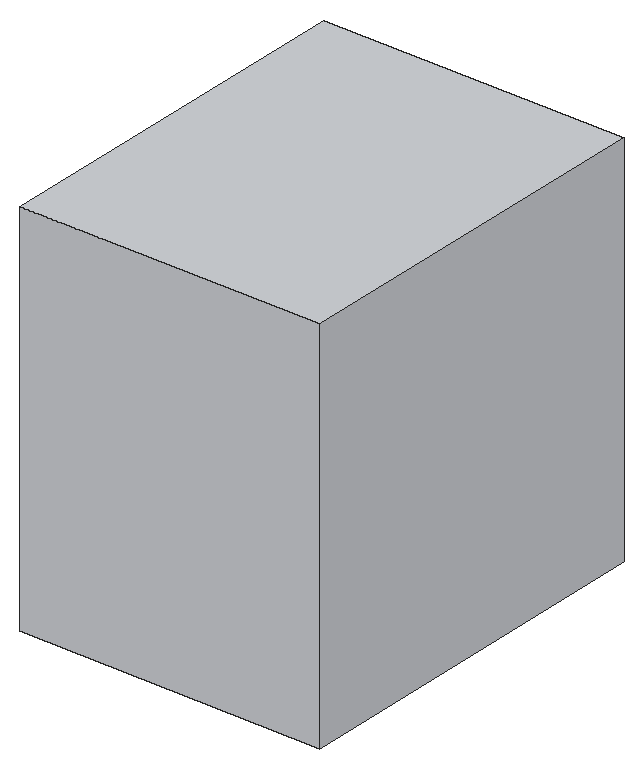
Revit family "堵头 - PVC - Sch 40 - DWV", category 管件, Revit 2020
Family settings
  圆形连接件大小 = 使用半径
  零件类型 = 管帽
  基于工作平面 = 否
  总是垂直 = 是
  加载时剪切的空心 = 否
  共享 = 否
Parameters (values of type "标准")
  默认高程 = 0 mm
  需水量 = 2.0 L/s
  需水模式 = "需水模式-未知"
  说明 = "堵头-PVC"
  螺纹长度 [instance] = size_lookup(查找表格名, "TLgt", 0.11 * 公称直径 + 10.716 mm, 公称直径)  # 15.875 mm
  标签 = ""
  型号 = "标准"
  公称半径 [instance] = 20 mm
  公称直径 [instance] = 公称半径 * 2  # 40 mm
  查找表格名 = "M_Plug - PVC - Sch 40 - DWV"
  高度 [instance] = size_lookup(查找表格名, "Hgt", 0.15 * 公称直径 + 29.964 mm, 公称直径)  # 34.925 mm
  顶部宽度 [instance] = 0.5 * 管件外径  # 24.13 mm
  顶高度 [instance] = 高度 - 螺纹长度  # 19.05 mm
  管件外半径 [instance] = 管件外径 / 2  # 24.13 mm
  管件外径 [instance] = size_lookup(查找表格名, "FOD", 1.04 * 公称直径 + 9.128 mm, 公称直径)  # 48.26 mm
Reference planes
  plane 1 "中心(前/后)": y = 0
  plane 2: z = 0
  plane 3 "中心(左/右)": x = 0
  plane 4: x = 19.05
  plane 5: y = 12.065
  plane 6: y = -12.065
  plane 7: z = 12.065
  plane 8: z = -12.065
Forms (mm)
  Extrusion 1, solid, detail levels fine
    sketch origin (0, 0, 0) x (1, 0, 0) y (0, 1, 0)
      loop
        line (0, 12.065) -> (0, -12.065) -> (19.05, -12.065) -> (19.05, 12.065) -> (0, 12.065)
    from -12.065 to 12.065
Lines and regions (mm)
  model lines, detail levels coarse+medium
    curve 1: line (0, 12.065, 0) -> (19.05, 12.065, 0)
    curve 2: line (19.05, 12.065, 0) -> (19.05, -12.065, 0)
    curve 3: line (0, -12.065, 0) -> (19.05, -12.065, 0)
Dimensions and locks
  "顶高度": plane 3 "中心(左/右)" to plane 4
  equal spacing: plane 5, plane 1 "中心(前/后)", plane 6
  "顶部宽度": plane 5 to plane 6
  equal spacing: plane 7, plane 2, plane 8
  "顶部宽度": plane 7 to plane 8
  aligned and locked: Extrusion 1 sketch curve to plane 5
  aligned and locked: Extrusion 1 sketch curve to plane 4
  aligned and locked: plane 6 to Extrusion 1 sketch curve
  aligned and locked: plane 3 "中心(左/右)" to Extrusion 1 sketch curve
  aligned and locked: plane 7 to Extrusion 1
  aligned and locked: plane 8 to Extrusion 1
  aligned and locked: plane 3 "中心(左/右)" to curve 1
  aligned and locked: curve 1 to plane 5
  aligned and locked: curve 2 to plane 4
  aligned and locked: plane 5 to curve 2
  aligned and locked: plane 6 to curve 2
  aligned and locked: plane 3 "中心(左/右)" to curve 3
  aligned and locked: plane 4 to curve 3
  aligned and locked: curve 3 to plane 6
Connectors
  piping at (0, 0, 0), diameter 40, driven by "公称半径"
    settings: on Extrusion 1, index 1, connector inside diameter 40 mm, connector length 0 mm, flow factor 0, pipe flow 0.0 L/s, pressure drop 0.0 Pa, fitting loss kfactor 0, connector angle 0.00°, fixture units 0, engagement length 0 mm, angle of deflection 0.00°, flow configuration 0, flow direction 0, fitting loss method 0, system type 28, joint type 0, gender type 0, connector reference index -1, connector utility 0, adjustable connector no, is connector primary yes, connector description ""
